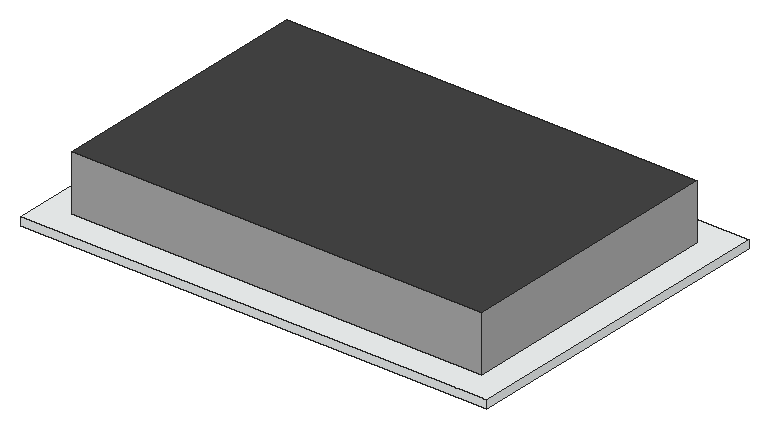
Revit family "1HVAC_Ductwork_Airzone_Return-Linear-Slat-Grille_RL0V", category Air Terminals, Revit 2016
Family settings
  Part Type = Normal
  Round Connector Dimension = Use Diameter
  OmniClass Number = 23.75.70.21.27.11
  OmniClass Title = Diffusers, Registers, and Grilles
  Work Plane-Based = No
  Always vertical = Yes
  Cut with Voids When Loaded = No
  Shared = No
  Room Calculation Point = Yes
Parameters (values of type "INVALID TYPE - Use Load Family and Type Catalog instead")
  c8 = -0.6337  # constant formula
  c7 = 0.04271  # constant formula
  c6 = 24.13  # constant formula
  c5 = 25.86  # constant formula
  c4 = -102.1  # constant formula
  c3 = -33.01  # constant formula
  c2 = -2.07  # constant formula
  c1 = 0.000453  # constant formula
  Velocity [instance] = (Q / (36 * Ak)) * 1.0 m/s  # 1.4881 m/s
  URL = "www.airzone.es"
  Type Image Comments = "Image available in product documentation download"  # constant formula
  Type Comments = ""
  Throw Distance [instance] = round((c7 * (Ak ^ c8) * Q) * 1000) * 1 mm  # 3336 mm
  Sound Level in dBA [instance] = round((c3 + (c4 * log(Ak))) + ((c5 + (c6 * log(Ak))) * log(Q)))  # 1
  Revit Model Version = "1.0"  # constant formula
  Q [instance] = if(Duct Width > 1000 mm, (1000 mm / Duct Width) * Flow / 1 m³/h, Flow / 1 m³/h)  # 150
  Product Documentation Download URL = "http://doc.airzone.es/BIM/AirQ/Airzone_RL00_RL0V.zip"
  Product Comments = "Refer to technical documentation for further details"  # constant formula
  Product Code = "INVALID – Type not loaded via type catalog"
  Pressure Drop [instance] = ((c1 * (Ak ^ c2)) * (Q ^ 2)) * 1.0 Pa  # 1.20966 Pa
  Model = Product Code  # "INVALID – Type not loaded via type catalog"
  Min Flow = 150 m³/h
  Max Flow = 1500 m³/h
  Manufacturer = "AIRZONE"  # constant formula
  Main Material = Metal - AIRZONE - Extruded Aluminium - White (RAL 9010)
  Long Description = "Extruded aluminum supply grilles. 26-mm standard frame to enable the air flow supply. Horizontal slats fixed at 0º with a second moving vertical deflection."  # constant formula
  Grille Right Offset = if(Open Right End, 0 mm, 10 mm)  # 10 mm
  Grille Material = Metal - AIRZONE - Grille 12.5 mm - White (RAL 9010)
  Grille Left Offset = if(Open Left End, 0 mm, 10 mm)  # 10 mm
  Flow [instance] = 150 m³/h
  Fixing = "Clip (K), mounting frame required. Screw (T), mounting frame required. Bolt (P), safety mechanical fixing"  # constant formula
  Finish = "White (RAL 9010)"
  Effective Area = Akn * 100.00 cm²  # 280.00 cm²
  Duct Width = 300 mm
  Duct Height = 200 mm
  Disclaimer = "All information provided in this model is reviewed before being published. However, Airzone cannot guarantee this model is error-free, therefore users are strongly encouraged to check for technical documentation and updates"  # constant formula
  Description = "Grille of linear slats fixed at 0º"  # constant formula
  Damper Length = 39.4 mm
  Compatible Accesories = "Mounting frame. Manual flow regulation. Plenum for grille (PREJ, FR-X2F). Grille deflector"  # constant formula
  Right Cap Offset = if(Open Right End, 0 mm, 16 mm)  # 16 mm
  Open Right End = no
  Left Cap Offset = if(Open Left End, 0 mm, 16 mm)  # 16 mm
  Open Left End = no
  Akn = 2.8
  Ak1000 = 10
  Ak = if(Duct Width > 1000 mm, Ak1000, Akn)  # 2.8
  Accessories Material = Metal - AIRZONE - Extruded Aluminium - Anodized (Matt Silver Color)
Reference planes
  plane 1 "Center (Front/Back)": y = 0
  plane 2: z = 0
  plane 3 "Center (Left/Right)": x = 0
  plane 4 "Left": x = -150
  plane 5 "Right": x = 150
  plane 6 "Front": y = -100
  plane 7 "Back": y = 100
  plane 8 "Right Offset": x = 166
  plane 9 "Left Offset": x = -166
  plane 10 "Fornt Offset": y = -116
  plane 11 "Back Offset": y = 116
Forms (mm)
  Extrusion 1, solid, material "Metal - AIRZONE - Extruded Aluminium - White (RAL 9010)" <- "Main Material", detail levels fine
    sketch origin (0, 0, 0) x (1, 0, 0) y (0, 1, 0)
      loop
        line (-166, 116) -> (-166, -116) -> (166, -116) -> (166, 116) -> (-166, 116)
    from 0 to -5.5
  Extrusion 2, solid, material "Metal - AIRZONE - Extruded Aluminium - Anodized (Matt Silver Color)" <- "Accessories Material"
    sketch origin (0, 0, 0) x (1, 0, 0) y (0, 1, 0)
      loop
        line (-145.7, 95.7) -> (-145.7, -95.7) -> (145.7, -95.7) -> (145.7, 95.7) -> (-145.7, 95.7)
    from 0 to 39.4 <- "Damper Length"
  Extrusion 3, solid, material "Metal - AIRZONE - Extruded Aluminium - White (RAL 9010)" <- "Main Material", detail levels coarse+medium
    sketch origin (0, 0, 0) x (1, 0, 0) y (0, 1, 0)
      loop
        line (-166, 116) -> (-166, -116) -> (166, -116) -> (166, 116) -> (-166, 116)
    from 0 to -5.5
  Extrusion 4, void
    sketch origin (0, 0, 0) x (1, 0, 0) y (0, 1, 0)
      loop
        line (166, 125) -> (166, -125) -> (175, -125) -> (175, 125) -> (166, 125)
    from -6 to 3
  Extrusion 5, void
    sketch origin (0, 0, 0) x (1, 0, 0) y (0, 1, 0)
      loop
        line (-175, 125) -> (-175, -125) -> (-166, -125) -> (-166, 125) -> (-175, 125)
    from -6 to 3
Cuts and joins
  Extrusion 4, Extrusion 5 cuts Extrusion 3
  Extrusion 4, Extrusion 5 cuts Extrusion 1
Lines and regions (mm)
  Split face 1
    outline origin (0, 0, -5.5) x (1, 0, 0) y (0, 1, 0)
      loop
        line (-140, -90) -> (140, -90) -> (140, 90) -> (-140, 90) -> (-140, -90)
  model lines, detail levels medium
    curve 1: line (-140, 90, -5.5) -> (140, 90, -5.5)
    curve 2: line (-140, -90, -5.5) -> (-140, 90, -5.5)
    curve 3: line (140, -90, -5.5) -> (-140, -90, -5.5)
    curve 4: line (140, 90, -5.5) -> (140, -90, -5.5)
  symbolic lines
    curve 5: line (-150, 100, 0) -> (150, 100, 0)
    curve 6: line (-150, -100, 0) -> (-150, 100, 0)
    curve 7: line (150, -100, 0) -> (-150, -100, 0)
    curve 8: line (150, 100, 0) -> (150, -100, 0)
    curve 9: line (-150, -100, 0) -> (150, 100, 0)
    curve 10: line (150, -100, 0) -> (-150, 100, 0)
  model lines, not visible, detail levels coarse
    curve 11: line (-166, 116, -5.5) -> (166, 116, -5.5)
    curve 12: line (-166, -116, -5.5) -> (-166, 116, -5.5)
    curve 13: line (166, -116, -5.5) -> (-166, -116, -5.5)
    curve 14: line (166, 116, -5.5) -> (166, -116, -5.5)
  model lines, detail levels coarse
    curve 15: line (-166, -116, -5.5) -> (166, 116, -5.5)
    curve 16: line (166, -116, -5.5) -> (-166, 116, -5.5)
Dimensions and locks
  equal spacing: plane 4 "Left", plane 3 "Center (Left/Right)", plane 5 "Right"
  equal spacing: plane 7 "Back", plane 1 "Center (Front/Back)", plane 6 "Front"
  "Duct Width": plane 4 "Left" to plane 5 "Right"
  "Duct Height": plane 7 "Back" to plane 6 "Front"
  locked: Extrusion 1 sketch curve to plane 4 "Left" at 16
  locked: plane 5 "Right" to Extrusion 1 sketch curve at 16
  locked: Extrusion 1 sketch curve to plane 7 "Back" at 16
  locked: plane 6 "Front" to Extrusion 1 sketch curve at 16
  "Grille Left Offset": plane 4 "Left" to Split face 1 sketch curve
  "Grille Right Offset": Split face 1 sketch curve to plane 5 "Right"
  locked: plane 7 "Back" to Split face 1 sketch curve at 10
  locked: Split face 1 sketch curve to plane 6 "Front" at 10
  locked: plane 4 "Left" to Extrusion 2 sketch curve at 4.3
  locked: Extrusion 2 sketch curve to plane 5 "Right" at 4.3
  locked: plane 7 "Back" to Extrusion 2 sketch curve at 4.3
  locked: Extrusion 2 sketch curve to plane 6 "Front" at 4.3
  locked: Extrusion 3 sketch curve to plane 4 "Left" at 16
  locked: plane 5 "Right" to Extrusion 3 sketch curve at 16
  locked: Extrusion 3 sketch curve to plane 7 "Back" at 16
  locked: plane 6 "Front" to Extrusion 3 sketch curve at 16
  "Grille Right Offset": curve 4 to plane 5 "Right"
  "Grille Left Offset": plane 4 "Left" to curve 2
  locked: plane 7 "Back" to curve 1 at 10
  locked: curve 3 to plane 6 "Front" at 10
  "Right Cap Offset": plane 5 "Right" to Extrusion 4 sketch curve
  locked: plane 5 "Right" to Extrusion 4 sketch curve at 25
  locked: Extrusion 4 sketch curve to plane 7 "Back" at 25
  locked: plane 6 "Front" to Extrusion 4 sketch curve at 25
  "Left Cap Offset": Extrusion 5 sketch curve to plane 4 "Left"
  locked: Extrusion 5 sketch curve to plane 4 "Left" at 25
  locked: Extrusion 5 sketch curve to plane 7 "Back" at 25
  locked: plane 6 "Front" to Extrusion 5 sketch curve at 25
  curve 4 to plane 5 "Right" = 10 mm
  plane 4 "Left" to curve 2 = 10 mm
  "Right Cap Offset": plane 5 "Right" to plane 8 "Right Offset"
  "Left Cap Offset": plane 9 "Left Offset" to plane 4 "Left"
  locked: plane 11 "Back Offset" to plane 7 "Back" at 16
  locked: plane 6 "Front" to plane 10 "Fornt Offset" at 16
  aligned and locked: level to plane 2
  aligned and locked: plane 4 "Left" to curve 6
  aligned and locked: curve 5 to plane 7 "Back"
  aligned and locked: curve 8 to plane 5 "Right"
  aligned and locked: plane 6 "Front" to curve 7
  aligned and locked: plane 10 "Fornt Offset" to curve 13
  aligned and locked: plane 11 "Back Offset" to curve 11
  aligned and locked: curve 14 to plane 8 "Right Offset"
  aligned and locked: plane 9 "Left Offset" to curve 12
Connectors
  hvac at (0, 0, 39.4), driven by "Pressure Drop", driven by "Flow", driven by "Duct Height", driven by "Duct Width"
    settings: on Extrusion 2, index 1, duct flow 150 m³/h, flow factor 0, pres drop 1.20966 Pa, loss coef 0, conn angle 0.00°, conn width 300 mm, conn height 200 mm, conn diameter 609.6 mm, duct sys type 2, conn prof type 1, flow config 1, flow direction 2, loss method 4, conn ref index -1, conn util no, is conn primary yes, conn desc "Return Air"
